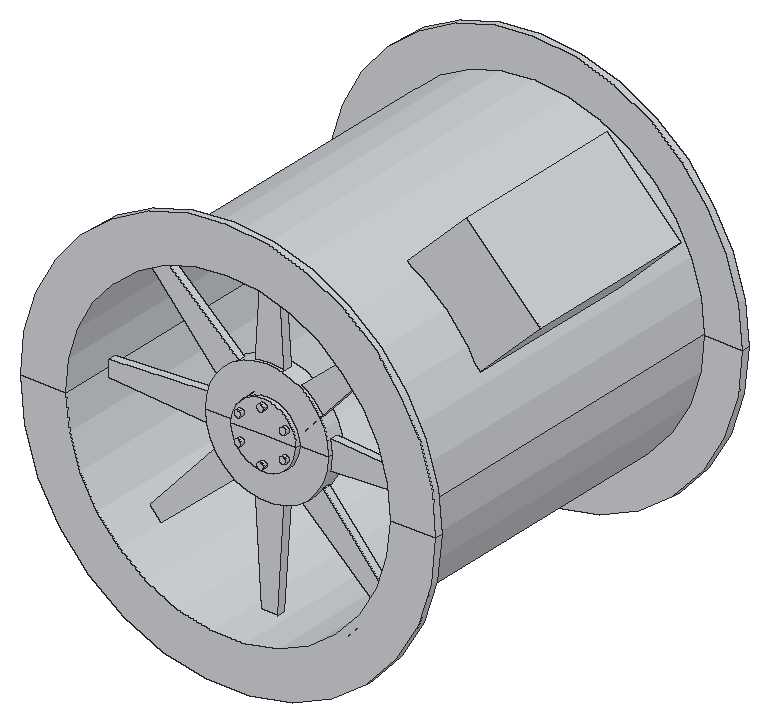
Revit family "CADS_Vent-Axia_MechEquip_Fan_LCA_250_1Ph4P - EXTRACT", category Mechanical Equipment, Revit 2020
Family settings
  Round Connector Dimension = Use Diameter
  Part Type = Normal
  OmniClass Number = 23.75.00.00
  OmniClass Title = Climate Control (HVAC)
  Work Plane-Based = No
  Always vertical = Yes
  Cut with Voids When Loaded = No
  Shared = No
  Room Calculation Point = No
Parameters (values of type "LCA251425")
  nr = NominalDiameter / 2  # 125 mm
  WorkingPressure = 0.0 Pa
  WarrantyStartDate [instance] = "1900-12-31T23:59:59"
  WarrantyPeriod = ""
  WarrantyIdentifier = "N/A"
  WarrantyGuarantorParts = "tech@vent-axia.com"
  WarrantyGuarantorLabor = "tech@vent-axia.com"
  WarrantyGuarantor = "Vent-Axia Limited"
  WarrantyEndDate [instance] = "1900-12-31T23:59:59"
  WarrantyContent = ""
  TemperatureRange = ""
  TagNumber [instance] = "N/A"
  SustainabilityPerformance = ""
  Status = "New"
  Size = ""
  Shape = ""
  ServiceLifeType = ""
  ServiceLifeDuration = ""
  SerialNumber [instance] = "N/A"
  ReplacementCost = ""
  RatedVoltage = 0 V
  RatedCurrent = 0 A
  Quantity = 1
  ProductionYear = ""
  PressureCurve = ""
  PowerFactor = ""
  PointOfContact = ""
  NumberOfPoles = 0
  NominalWidth = 250 mm
  NominalLength = 300 mm
  NominalHeight = 250 mm
  NominalFrequencyRange = ""
  NominalDiameter = 250 mm
  ModelReference = "LCAX 250mm 1PH 4P 25DEG"
  ModelNumber = "LCA251425"
  Material = ""
  ManufacturerE-Mail = "tech@vent-axia.com"
  ManufacturerAddress = "Fleming Way\nCrawley \nRH10 9YX"
  IsExtendedWarranty = no
  InsulationStandardClass = ""
  InstallationDate [instance] = "1900-12-31T23:59:59"
  IfcExportType [instance] = ""
  IfcExportAs = "IfcFanType"
  IP_Code = ""
  HasProtectiveEarth = no
  GrossWeight = 0.00 kg
  Grade = ""
  GlobalTradeItemNumber [instance] = "N/A"
  Fitting Type = "Ignore"
  Finish = ""
  Features = ""
  ExteriorInsulation = no
  ExpectedServiceLife = 0
  Exclusions = ""
  DurationUnit = "Year"
  Default Elevation = 0 mm
  Constituents = ""
  ConductorFunction = ""
  Color = ""
  CodePerformance = ""
  Category = ""
  CADS_Usage = 0
  CADS_Index = 0
  AssetType = "FIXED"
  AssetIdentifier [instance] = "N/A"
  AssemblyPlace = "UNKNOWN"
  ArticleNumber [instance] = "N/A"
  AirflowRateRange = 0.0 L/s
  Air Flow [instance] = 0.0 L/s
  AccessibilityPerformance = ""
Types (6, lengths in mm): name | ModelReference | ModelNumber
  LCA251425 | "LCAX 250mm 1PH 4P 25DEG" | "LCA251425"
  LCA251430 | "LCAX 250mm 1PH 4P 30DEG" | "LCA251430"
  LCA251435 | "LCAX 250mm 1PH 4P 35DEG" | "LCA251435"
  LCA251440 | "LCAX 250mm 1PH 4P 40DEG" | "LCA251440"
  LCA251445 | "LCAX 250mm 1PH 4P 45DEG" | "LCA251445"
  LCA251450 | "LCAX 250mm 1PH 4P 50DEG" | "LCA251450"
Reference planes
  plane 1 "Center (Front/Back)": y = 0
  plane 2: z = 0
  plane 3 "Center (Left/Right)": x = 0
  plane 4: x = -125
  plane 5: x = 125
  plane 6 "F": y = -150
  plane 7 "B": y = 150
  plane 8: x = -160
  plane 9: y = 145
  plane 10: y = -145
  plane 11: x = -130
  plane 12: y = -110
  plane 13 "top": z = 125
  plane 14: z = -125
  plane 15 "45deg": through (0, -1524, 0) normal (-0.7071, 0, -0.7071)
  plane 16 "C": through (0, -1524, 0) normal (-0.7071, 0, 0.7071)
Forms (mm)
  Revolve 1, solid
    sketch origin (0, 0, 0) x (1, 0, 0) y (0, 1, 0)
      loop
        line (-160, -150) -> (-125, -150) -> (-125, 150) -> (-160, 150) -> (-160, 145) -> (-130, 145) -> (-130, -145) -> (-160, -145) -> (-160, -150)
      axis (0, 150) -> (0, -150)
    angle from 0 to 360
  Sweep 2, solid
    path origin (0, 0, 0) x (1, 0, 0) y (0, 0, 1)
      loop
        line (88.388, 88.388) -> (134.35, 134.35)
    profile origin (111.369, 0, 111.369) x (-0.707107, 0, 0.707107) y (0, -1, 0)
      loop
        line (37.5, 55) -> (-42.73, 55) -> (-42.73, -79.5) -> (37.5, -79.5) -> (37.5, 55)
Dimensions and locks
  equal spacing: plane 4, plane 3 "Center (Left/Right)", plane 5
  equal spacing: plane 7 "B", plane 1 "Center (Front/Back)", plane 6 "F"
  "NominalLength": plane 7 "B" to plane 6 "F"
  "NominalDiameter": plane 4 to plane 5
  locked: plane 11 to plane 4 at 5
  locked: plane 8 to plane 11 at 30
  locked: plane 6 "F" to plane 10 at 5
  locked: plane 7 "B" to plane 9 at 5
  locked: plane 6 "F" to plane 12 at 40
  equal spacing: plane 13 "top", level, plane 14
  "NominalDiameter": plane 13 "top" to plane 14
  "nr": Sweep 2 sketch curve to nested 13
  Sweep 2 sketch curve to Sweep 2 sketch curve = 65 mm
  aligned and locked: level to plane 2
  aligned and locked: nested 1 to plane 12
Automatic sketch dimensions
  plane 6 "F" to Revolve 1 sketch curve = 0 mm
  Revolve 1 sketch curve to plane 8 = 0 mm  (x2)
  plane 10 to Revolve 1 sketch curve = 0 mm
  Revolve 1 sketch curve to plane 11 = 0 mm
  Revolve 1 sketch curve to plane 4 = 0 mm
  Revolve 1 sketch curve to plane 3 "Center (Left/Right)" = 0 mm
  plane 1 "Center (Front/Back)" to Revolve 1 sketch curve = 0 mm
  Revolve 1 sketch curve to plane 9 = 0 mm
  Revolve 1 sketch curve to plane 7 "B" = 0 mm
  plane 6 "F" to Revolve 1 sketch curve = 115 mm
  plane 1 "Center (Front/Back)" to Sweep 2 sketch curve = 55 mm
  Sweep 2 sketch curve to profile plane = 37.5 mm
  Sweep 2 sketch curve to Sweep 2 sketch curve = 80.23 mm
  Sweep 2 sketch curve to Sweep 2 sketch curve = 134.5 mm
  Sweep 2 sketch curve to plane 16 "C" = 0 mm  (x2)
Nested families
  nested 1: "Fan for ESC" at (0, -110, 0), ND <- "NominalDiameter", type "Fan for ESC"
    with hub 25 mm, ND 250 mm, BoltPCD 20 mm, Bolt Count 6, B_Diam 5 mm
  nested 2: "Bolts" at (17.321, -119.172, -10) x (-0.5, 0, -0.866) z (0, 1, 0), type "Bolts"
    with bd 5 mm
  nested 3: "Bolts" at (0, -119.172, -20) x (-1, 0, 0) z (0, 1, 0), type "Bolts"
    with bd 5 mm
  nested 4: "Bolts" at (-17.321, -119.172, -10) x (-0.5, 0, 0.866) z (0, 1, 0), type "Bolts"
    with bd 5 mm
  nested 5: "Bolts" at (-17.321, -119.172, 10) x (0.5, 0, 0.866) z (0, 1, 0), type "Bolts"
    with bd 5 mm
  nested 6: "Bolts" at (17.321, -119.172, 10) x (0.5, 0, -0.866) z (0, 1, 0), type "Bolts"
    with bd 5 mm
  nested 7: "Bolts" at (0, -119.172, 20) x (1, 0, 0) z (0, 1, 0), type "Bolts"
    with bd 5 mm
  nested 8: "ESC Blade" at (0, -110, 0), type "ESC Blade"
    with a 20.00°, HR 25 mm, HD 50 mm, BT 12.5 mm, BR 100 mm, BH 40 mm, BD 250 mm, BB 25 mm
  nested 9: "ESC Blade" at (0, -110, 0) x (0.7071, 0, -0.7071) z (0.7071, 0, 0.7071), type "ESC Blade"
    with a 20.00°, HR 25 mm, HD 50 mm, BT 12.5 mm, BR 100 mm, BH 40 mm, BD 250 mm, BB 25 mm
  nested 10: "ESC Blade" at (0, -110, 0) x (0, 0, -1) z (1, 0, 0), type "ESC Blade"
    with a 20.00°, HR 25 mm, HD 50 mm, BT 12.5 mm, BR 100 mm, BH 40 mm, BD 250 mm, BB 25 mm
  nested 11: "ESC Blade" at (0, -110, 0) x (-0.7071, 0, -0.7071) z (0.7071, 0, -0.7071), type "ESC Blade"
    with a 20.00°, HR 25 mm, HD 50 mm, BT 12.5 mm, BR 100 mm, BH 40 mm, BD 250 mm, BB 25 mm
  nested 12: "ESC Blade" at (0, -110, 0) x (-1, 0, 0) z (0, 0, -1), type "ESC Blade"
    with a 20.00°, HR 25 mm, HD 50 mm, BT 12.5 mm, BR 100 mm, BH 40 mm, BD 250 mm, BB 25 mm
  nested 13: "ESC Blade" at (0, -110, 0) x (-0.7071, 0, -0.7071) z (-0.7071, 0, 0.7071), type "ESC Blade"
    with a 20.00°, HR 25 mm, HD 50 mm, BT 12.5 mm, BR 100 mm, BH 40 mm, BD 250 mm, BB 25 mm
  nested 14: "ESC Blade" at (0, -110, 0) x (0, 0, -1) z (-1, 0, 0), type "ESC Blade"
    with a 20.00°, HR 25 mm, HD 50 mm, BT 12.5 mm, BR 100 mm, BH 40 mm, BD 250 mm, BB 25 mm
  nested 15: "ESC Blade" at (0, -110, 0) x (0.7071, 0, -0.7071) z (-0.7071, 0, -0.7071), type "ESC Blade"
    with a 20.00°, HR 25 mm, HD 50 mm, BT 12.5 mm, BR 100 mm, BH 40 mm, BD 250 mm, BB 25 mm
Connectors
  hvac at (0, -150, 0), driven by "NominalDiameter", driven by "Air Flow"
    settings: on Revolve 1, index 1, duct flow 0.0 L/s, flow factor 0, pres drop 0.0 Pa, loss coef 0, conn angle 0.00°, conn width 304.8 mm, conn height 304.8 mm, conn diameter 250 mm, duct sys type 2, conn prof type 0, flow config 0, flow direction 1, loss method 0, conn ref index -1, conn util no, is conn primary yes, conn desc ""
  hvac at (0, 150, 0), driven by "NominalDiameter", driven by "Air Flow"
    settings: on Revolve 1, index 2, duct flow 0.0 L/s, flow factor 0, pres drop 0.0 Pa, loss coef 0, conn angle 0.00°, conn width 304.8 mm, conn height 304.8 mm, conn diameter 250 mm, duct sys type 3, conn prof type 0, flow config 1, flow direction 2, loss method 0, conn ref index -1, conn util no, is conn primary no, conn desc ""
Definition of nested family "Fan for ESC"
  Parameters (values of type "Fan for ESC")
    hub [instance] = ND / 10  # 56.7 mm
    ND [instance] = 567 mm
    Model = "."
    Default Elevation = 0 mm
    BoltPCD [instance] = hub - (hub * 0.2)  # 45.36 mm
    Bolt Count [instance] = if(hub < 50 mm, 6, 8)  # 8
    B_Diam [instance] = if(hub < 50 mm, 5 mm, 10 mm)  # 10 mm
  Reference planes
    plane 1 "Center (Front/Back)": y = 0
    plane 2: z = 0
    plane 3 "Center (Left/Right)": x = 0
    plane 4 "back": y = 20
    plane 5 "bolts": y = -9.172
    plane 6 "B": z = 56.7
    plane 7: x = -79.287
    plane 8: x = -56.7
    plane 9 "hubface": y = -6.172
  Forms (mm)
    Revolve 1, solid
      sketch origin (0, 0, 0) x (1, 0, 0) y (0, 1, 0)
        loop
          line (0, 20) -> (-56.7, 20) -> (-56.7, 10.504) -> (-79.287, 10.504) -> (-79.287, -2.597) -> (-56.7, -2.597) -> (-56.7, -6.172) -> (0, -6.172) -> (0, 20)
        axis (0, 20) -> (0, -6.172)
      angle from 0 to 360
    Extrusion 2, solid, not visible
      sketch origin (0, -6.347, -4) x (-1, 0, 0) y (0, 0, 1)
        loop
          circle (0, 84) r 5
      from 0 to 3
  Lines and regions (mm)
    symbolic lines
      curve 1: circle (0, -9.172, 0) r 45.36 normal (0, 1, 0)
    model lines, not visible
      curve 2: line (0, -6.347, 85) -> (0, -6.347, 75)
  Dimensions and locks
    "hub": plane 6 "B" to plane 2
    "hub": nested 3 to plane 3 "Center (Left/Right)"
    "hub": nested 4 to plane 3 "Center (Left/Right)"
    "hub": nested 5 to plane 3 "Center (Left/Right)"
    "hub": plane 3 "Center (Left/Right)" to nested 6
    "hub": Revolve 1 sketch curve to Revolve 1 sketch curve
    "hub": plane 3 "Center (Left/Right)" to nested 7
    "hub": plane 3 "Center (Left/Right)" to nested 8
    "hub": plane 3 "Center (Left/Right)" to nested 9
    "hub": plane 8 to plane 3 "Center (Left/Right)"
    plane 7 to plane 8 = 22.587 mm
    diameter of Extrusion 2 sketch curve = 10 mm
    "BoltPCD": radius of curve 1
    "BoltPCD": radius of radial array
    aligned and locked: level to plane 2
    aligned and locked: plane 6 "B" to nested 1
  Automatic sketch dimensions
    Revolve 1 sketch curve to plane 7 = 0 mm
    Revolve 1 sketch curve to plane 8 = 0 mm  (x2)
    Revolve 1 sketch curve to plane 3 "Center (Left/Right)" = 0 mm
    Revolve 1 sketch curve to plane 9 "hubface" = 0 mm
    plane 4 "back" to Revolve 1 sketch curve = 0 mm
    plane 1 "Center (Front/Back)" to Revolve 1 sketch curve = 2.597 mm
    plane 4 "back" to Revolve 1 sketch curve = 9.496 mm
    Revolve 1 sketch curve to Revolve 1 sketch curve = 5 mm
    Revolve 1 sketch curve to plane 4 "back" = 45 mm
    curve 1 to level = 0 mm
    curve 1 to plane 3 "Center (Left/Right)" = 0 mm
  Nested families
    nested 1: "ESC Blade" at (0, 0, 0), BD <- "ND", HD <- "hub", type "ESC Blade"
      with a 20.00°, HR 56.7 mm, HD 113.4 mm, BT 28.35 mm, BR 226.8 mm, BH 40 mm, BD 567 mm, BB 56.7 mm
    nested 2: "ESC Blade" at (0, 0, 755), BD <- "ND", HD <- "hub", type "ESC Blade", not visible
      with a 20.00°, HR 56.7 mm, HD 113.4 mm, BT 28.35 mm, BR 226.8 mm, BH 40 mm, BD 567 mm, BB 56.7 mm
    nested 3: "ESC Blade" at (0, 0, 0) x (0.7071, 0, -0.7071) z (0.7071, 0, 0.7071), BD <- "ND", HD <- "hub", type "ESC Blade"
      with a 20.00°, HR 56.7 mm, HD 113.4 mm, BT 28.35 mm, BR 226.8 mm, BH 40 mm, BD 567 mm, BB 56.7 mm
    nested 4: "ESC Blade" at (0, 0, 0) x (0, 0, -1) z (1, 0, 0), BD <- "ND", HD <- "hub", type "ESC Blade"
      with a 20.00°, HR 56.7 mm, HD 113.4 mm, BT 28.35 mm, BR 226.8 mm, BH 40 mm, BD 567 mm, BB 56.7 mm
    nested 5: "ESC Blade" at (0, 0, 0) x (-0.7071, 0, -0.7071) z (0.7071, 0, -0.7071), BD <- "ND", HD <- "hub", type "ESC Blade"
      with a 20.00°, HR 56.7 mm, HD 113.4 mm, BT 28.35 mm, BR 226.8 mm, BH 40 mm, BD 567 mm, BB 56.7 mm
    nested 6: "ESC Blade" at (0, 0, 0) x (-1, 0, 0) z (0, 0, -1), BD <- "ND", HD <- "hub", type "ESC Blade"
      with a 20.00°, HR 56.7 mm, HD 113.4 mm, BT 28.35 mm, BR 226.8 mm, BH 40 mm, BD 567 mm, BB 56.7 mm
    nested 7: "ESC Blade" at (0, 0, 0) x (-0.7071, 0, -0.7071) z (-0.7071, 0, 0.7071), BD <- "ND", HD <- "hub", type "ESC Blade"
      with a 20.00°, HR 56.7 mm, HD 113.4 mm, BT 28.35 mm, BR 226.8 mm, BH 40 mm, BD 567 mm, BB 56.7 mm
    nested 8: "ESC Blade" at (0, 0, 0) x (0, 0, -1) z (-1, 0, 0), BD <- "ND", HD <- "hub", type "ESC Blade"
      with a 20.00°, HR 56.7 mm, HD 113.4 mm, BT 28.35 mm, BR 226.8 mm, BH 40 mm, BD 567 mm, BB 56.7 mm
    nested 9: "ESC Blade" at (0, 0, 0) x (0.7071, 0, -0.7071) z (-0.7071, 0, -0.7071), BD <- "ND", HD <- "hub", type "ESC Blade"
      with a 20.00°, HR 56.7 mm, HD 113.4 mm, BT 28.35 mm, BR 226.8 mm, BH 40 mm, BD 567 mm, BB 56.7 mm
    nested 10: "Bolts" at (0, -9.172, 45.36) x (1, 0, 0) z (0, 1, 0), bd <- "B_Diam", type "Bolts"
      with bd 10 mm
    nested 11: "Bolts" at (32.074, -9.172, 32.074) x (0.7071, 0, -0.7071) z (0, 1, 0), bd <- "B_Diam", type "Bolts"
      with bd 10 mm
    nested 12: "Bolts" at (-32.074, -9.172, 32.074) x (0.7071, 0, 0.7071) z (0, 1, 0), bd <- "B_Diam", type "Bolts"
      with bd 10 mm
    nested 13: "Bolts" at (-45.36, -9.172, 0) x (0, 0, 1) z (0, 1, 0), bd <- "B_Diam", type "Bolts"
      with bd 10 mm
    nested 14: "Bolts" at (-32.074, -9.172, -32.074) x (-0.7071, 0, 0.7071) z (0, 1, 0), bd <- "B_Diam", type "Bolts"
      with bd 10 mm
    nested 15: "Bolts" at (0, -9.172, -45.36) x (-1, 0, 0) z (0, 1, 0), bd <- "B_Diam", type "Bolts"
      with bd 10 mm
    nested 16: "Bolts" at (32.074, -9.172, -32.074) x (-0.7071, 0, -0.7071) z (0, 1, 0), bd <- "B_Diam", type "Bolts"
      with bd 10 mm
    nested 17: "Bolts" at (45.36, -9.172, 0) x (0, 0, -1) z (0, 1, 0), bd <- "B_Diam", type "Bolts"
      with bd 10 mm
  Definition of nested family "ESC Blade"
    Parameters (values of type "ESC Blade")
      a [instance] = 20.00°
      HR [instance] = HD / 2  # 30 mm
      HD [instance] = BD / 5  # 60 mm
      Default Elevation = 1219.2 mm
      BT [instance] = BD / 20  # 15 mm
      BR [instance] = (BD / 2) - HR  # 120 mm
      BH [instance] = 40 mm
      BD [instance] = 300 mm
      BB [instance] = BD / 10  # 30 mm
    Reference planes
      plane 1 "Center (Front/Back)": y = 0
      plane 2: z = 0
      plane 3 "Center (Left/Right)": x = 0
      plane 4 "Blade Bot": z = 30
      plane 5: x = -15
      plane 6: x = 15
      plane 7: x = -7.5
      plane 8: x = 7.5
    Forms (mm)
      Blend 1, solid
        base sketch origin (0, 0, 30) x (-1, 0, 0) y (0, -1, 0)
          loop
            line (15, 0) -> (-15, 0) -> (-15, -6) -> (15, -6) -> (15, 0)
        top sketch origin (0, 0, 30) x (-1, 0, 0) y (0, -1, 0)
          loop
            line (7.5, -6) -> (7.5, 0) -> (-7.5, 0) -> (-7.5, -6) -> (7.5, -6)
        from 0 to 120 <- "BR"
    Dimensions and locks
      "HR": plane 4 "Blade Bot" to level
      equal spacing: plane 8, plane 3 "Center (Left/Right)", plane 7
      "BT": plane 8 to plane 7
      equal spacing: plane 6, plane 3 "Center (Left/Right)", plane 5
      "BB": plane 6 to plane 5
      aligned and locked: level to plane 2
    Automatic sketch dimensions
      plane 1 "Center (Front/Back)" to Blend 1 sketch curve = 0 mm  (x2)
      Blend 1 sketch curve to plane 6 = 0 mm
      Blend 1 sketch curve to plane 5 = 0 mm
      Blend 1 sketch curve to plane 1 "Center (Front/Back)" = 6 mm  (x2)
      Blend 1 sketch curve to plane 8 = 0 mm
      Blend 1 sketch curve to plane 7 = 0 mm
  Definition of nested family "Bolts"
    Parameters
      bd [instance] = 10 mm
      Default Elevation = 1219.2 mm
    Reference planes
      plane 1 "Center (Front/Back)": y = 0
      plane 2: z = 0
      plane 3 "Center (Left/Right)": x = 0
    Forms (mm)
      Extrusion 1, solid
        sketch origin (0, 0, 0) x (1, 0, 0) y (0, 1, 0)
          loop
            line (-1219.2, 1219.2) -> (-1219.2, -1219.2) -> (1219.2, -1219.2) -> (1219.2, 1219.2) -> (-1219.2, 1219.2)
        from 0 to -304.8
      Extrusion 2, solid
        sketch origin (0, 0, 0) x (1, 0, 0) y (0, 1, 0)
          loop
            circle (0, 0) r 5
        from 0 to 3
    Dimensions and locks
      "bd": diameter of Extrusion 2 sketch curve
      aligned and locked: plane 2 to Extrusion 1
      aligned and locked: level to Extrusion 1
    Automatic sketch dimensions
      Extrusion 1 sketch curve to Extrusion 1 sketch curve = 2438.4 mm  (x2)
      plane 1 "Center (Front/Back)" to Extrusion 2 sketch curve = 0 mm
      Extrusion 2 sketch curve to plane 3 "Center (Left/Right)" = 0 mm
Definition of nested family "Bolts"
  Parameters
    bd [instance] = 10 mm
    Default Elevation = 1219.2 mm
  Reference planes
    plane 1 "Center (Front/Back)": y = 0
    plane 2: z = 0
    plane 3 "Center (Left/Right)": x = 0
  Forms (mm)
    Extrusion 1, solid
      sketch origin (0, 0, 0) x (1, 0, 0) y (0, 1, 0)
        loop
          line (-1219.2, 1219.2) -> (-1219.2, -1219.2) -> (1219.2, -1219.2) -> (1219.2, 1219.2) -> (-1219.2, 1219.2)
      from 0 to -304.8
    Extrusion 2, solid
      sketch origin (0, 0, 0) x (1, 0, 0) y (0, 1, 0)
        loop
          circle (0, 0) r 5
      from 0 to 3
  Dimensions and locks
    "bd": diameter of Extrusion 2 sketch curve
    aligned and locked: plane 2 to Extrusion 1
    aligned and locked: level to Extrusion 1
  Automatic sketch dimensions
    Extrusion 1 sketch curve to Extrusion 1 sketch curve = 2438.4 mm  (x2)
    plane 1 "Center (Front/Back)" to Extrusion 2 sketch curve = 0 mm
    Extrusion 2 sketch curve to plane 3 "Center (Left/Right)" = 0 mm
Definition of nested family "ESC Blade"
  Parameters (values of type "ESC Blade")
    a [instance] = 20.00°
    HR [instance] = HD / 2  # 30 mm
    HD [instance] = BD / 5  # 60 mm
    Default Elevation = 1219.2 mm
    BT [instance] = BD / 20  # 15 mm
    BR [instance] = (BD / 2) - HR  # 120 mm
    BH [instance] = 40 mm
    BD [instance] = 300 mm
    BB [instance] = BD / 10  # 30 mm
  Reference planes
    plane 1 "Center (Front/Back)": y = 0
    plane 2: z = 0
    plane 3 "Center (Left/Right)": x = 0
    plane 4 "Blade Bot": z = 30
    plane 5: x = -15
    plane 6: x = 15
    plane 7: x = -7.5
    plane 8: x = 7.5
  Forms (mm)
    Blend 1, solid
      base sketch origin (0, 0, 30) x (-1, 0, 0) y (0, -1, 0)
        loop
          line (15, 0) -> (-15, 0) -> (-15, -6) -> (15, -6) -> (15, 0)
      top sketch origin (0, 0, 30) x (-1, 0, 0) y (0, -1, 0)
        loop
          line (7.5, -6) -> (7.5, 0) -> (-7.5, 0) -> (-7.5, -6) -> (7.5, -6)
      from 0 to 120 <- "BR"
  Dimensions and locks
    "HR": plane 4 "Blade Bot" to level
    equal spacing: plane 8, plane 3 "Center (Left/Right)", plane 7
    "BT": plane 8 to plane 7
    equal spacing: plane 6, plane 3 "Center (Left/Right)", plane 5
    "BB": plane 6 to plane 5
    aligned and locked: level to plane 2
  Automatic sketch dimensions
    plane 1 "Center (Front/Back)" to Blend 1 sketch curve = 0 mm  (x2)
    Blend 1 sketch curve to plane 6 = 0 mm
    Blend 1 sketch curve to plane 5 = 0 mm
    Blend 1 sketch curve to plane 1 "Center (Front/Back)" = 6 mm  (x2)
    Blend 1 sketch curve to plane 8 = 0 mm
    Blend 1 sketch curve to plane 7 = 0 mm
